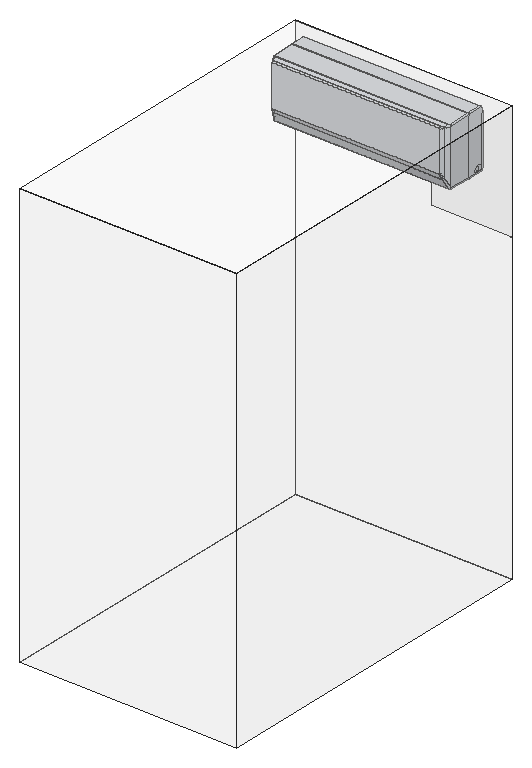
Revit family "pk-rp28la5_112ka21_50hz", category 機械設備, Revit 2019 (continued)
Definition of nested family "pk-rp_la3"
  Automatic sketch dimensions
    Extrusion 1 sketch curve to Extrusion 1 sketch curve = 1.509 mm
    Extrusion 1 sketch curve to plane 10 "Fkidasi_Z" = 2.669 mm
    Extrusion 1 sketch curve to Extrusion 1 sketch curve = 3.53 mm
    Extrusion 1 sketch curve to Extrusion 1 sketch curve = 0.245 mm
    Extrusion 1 sketch curve to plane 10 "Fkidasi_Z" = 0.212 mm
    Extrusion 1 sketch curve to Extrusion 1 sketch curve = 11.126 mm
    Extrusion 1 sketch curve to Extrusion 1 sketch curve = 11.355 mm
    plane 10 "Fkidasi_Z" to Extrusion 1 sketch curve = 0.239 mm
    Extrusion 1 sketch curve to Extrusion 1 sketch curve = 0.886 mm
    Extrusion 1 sketch curve to Extrusion 1 sketch curve = 14.099 mm
    Extrusion 1 sketch curve to Extrusion 1 sketch curve = 0.981 mm  (x3)
    Extrusion 1 sketch curve to plane 2 = 91.302 mm
    plane 6 "UNDER" to Extrusion 1 sketch curve = 3.179 mm
    Extrusion 1 sketch curve to Extrusion 1 sketch curve = 2.631 mm
    Extrusion 1 sketch curve to Extrusion 1 sketch curve = 10.856 mm
    Extrusion 1 sketch curve to plane 10 "Fkidasi_Z" = 10.968 mm
    Extrusion 1 sketch curve to Extrusion 1 sketch curve = 1.969 mm
    Extrusion 1 sketch curve to plane 10 "Fkidasi_Z" = 1.653 mm
    Extrusion 1 sketch curve to plane 10 "Fkidasi_Z" = 0.674 mm
    Extrusion 1 sketch curve to Extrusion 1 sketch curve = 0.182 mm
    plane 10 "Fkidasi_Z" to Extrusion 1 sketch curve = 19.962 mm
    plane 10 "Fkidasi_Z" to Extrusion 1 sketch curve = 45.88 mm
    Extrusion 1 sketch curve to Extrusion 1 sketch curve = 9.288 mm
    Extrusion 1 sketch curve to Extrusion 1 sketch curve = 1.712 mm
    Extrusion 1 sketch curve to Extrusion 1 sketch curve = 2.453 mm
    Extrusion 1 sketch curve to Extrusion 1 sketch curve = 1.702 mm
    Extrusion 1 sketch curve to Extrusion 1 sketch curve = 0.58 mm
    Extrusion 1 sketch curve to Extrusion 1 sketch curve = 1.434 mm
    Extrusion 1 sketch curve to level = 23.558 mm
    Extrusion 1 sketch curve to Extrusion 1 sketch curve = 8.081 mm
    Extrusion 1 sketch curve to Extrusion 1 sketch curve = 4.288 mm
    Extrusion 1 sketch curve to Extrusion 1 sketch curve = 0.784 mm
    Extrusion 1 sketch curve to Extrusion 1 sketch curve = 0 mm
    Extrusion 1 sketch curve to Extrusion 1 sketch curve = 1.627 mm
    Extrusion 1 sketch curve to Extrusion 1 sketch curve = 0.002 mm
    Extrusion 1 sketch curve to level = 0 mm
    plane 19 to Extrusion 1 sketch curve = 6.097 mm
    Extrusion 1 sketch curve to Extrusion 1 sketch curve = 10.916 mm
    curve 15 to Extrusion 1 = 0 mm
    curve 17 to Extrusion 1 = 0 mm
    curve 20 to Extrusion 1 = 0 mm
    curve 13 to Extrusion 1 = 0 mm
    curve 10 to Extrusion 1 = 0 mm
    curve 8 to Extrusion 1 = 0 mm
    curve 15 to Extrusion 1 = 20 mm
    curve 15 to curve 16 = 8 mm
    curve 19 to Extrusion 1 = 1.466 mm
    curve 21 to Extrusion 1 = 3.034 mm
    curve 21 to curve 17 = 22.703 mm
    curve 14 to curve 9 = 24.618 mm
    curve 10 to curve 14 = 23.733 mm
    curve 10 to curve 12 = 34.286 mm
    curve 9 to Extrusion 1 = 28 mm
    curve 11 to curve 8 = 8 mm
    curve 19 to curve 21 = 11.583 mm
    curve 18 to curve 19 = 23.714 mm
    curve 19 to curve 16 = 19.672 mm
    curve 9 to Extrusion 1 = 35.752 mm
    curve 13 to curve 10 = 10 mm
    curve 13 to curve 11 = 79 mm
    plane 19 to Extrusion 1 sketch curve = 29.248 mm
    curve 6 to Extrusion 1 = 0 mm
    curve 2 to Extrusion 1 = 0 mm
    curve 1 to Extrusion 1 = 0 mm
    curve 2 to Extrusion 1 = 7.8 mm
    curve 1 to Extrusion 1 = 57 mm
    curve 4 to curve 7 = 0 mm
    curve 5 to curve 3 = 8 mm
    curve 3 to curve 7 = 50.624 mm
    curve 7 to curve 6 = 8.376 mm
    curve 7 to curve 3 = 7.895 mm
    curve 24 to Extrusion 1 = 1 mm
    curve 32 to Extrusion 1 = 1.705 mm
    curve 5 to curve 32 = 45 mm
    curve 4 to curve 24 = 48 mm
    curve 32 to Extrusion 1 = 1.664 mm
    curve 2 to Extrusion 1 = 57 mm
    curve 25 to Extrusion 1 = 0 mm
    curve 26 to Extrusion 1 = 0 mm
    curve 30 to Extrusion 1 = 0 mm
    Extrusion 1 to curve 25 = 57 mm
    Extrusion 1 to curve 26 = 7.8 mm
    Extrusion 1 to curve 26 = 57 mm
    curve 31 to curve 28 = 0 mm
    curve 28 to curve 27 = 8 mm
    curve 29 to curve 31 = 50.624 mm
    curve 31 to curve 30 = 8.376 mm
    curve 31 to curve 27 = 7.895 mm
    Extrusion 1 to curve 23 = 1 mm
    Extrusion 1 to curve 22 = 1.664 mm
    Extrusion 1 to curve 22 = 110 mm
    Extrusion 1 to curve 22 = 1.705 mm
    curve 28 to curve 23 = 48 mm
Types (9, lengths in mm): name | 風量_静 (m3/min) | 風量_強 (m3/min) | 風量_弱 (m3/min) | 風量_中 (m3/min) | 風量 | 音響パワーレベル_静 (dB) | 音響パワーレベル_弱 (dB) | 音響パワーレベル_中 (dB) | 音響パワーレベル_強 (dB) | 音響パワーレベル(dB) | 電動機出力_送風機 | 質量 | 構成品番 | 壁掛_PK-RP_LA3 | 壁掛_PK-RP_LA1 | 冷媒液管位置-Z | 冷媒液管位置-Y | 冷媒液管位置-X | 冷媒ガス管位置-Z | 冷媒ガス管位置-Y | 冷媒ガス管位置-X | ドレン位置-Z | ドレン位置-Y | ドレン位置-X | Space Top | Space Right_1 | Space Right | Space Left | MIN２風量 | MIN風量 | MID風量 | MAX風量 | 製品質量 | 消費電力_暖房 | 消費電力_冷房 | 消費電力 | 暖房能力 | 冷房能力 | 冷媒管径符号 | 冷媒液管径 | 冷媒ガス管径 | Width | S_H | Height | Depth | Clearance Top | Clearance Right | Clearance Left
  壁掛_PK-RP28LA5 | 6.3 | 8.7 | 7.3 | 8 | 522.0 m³/h | 45 | 48 | 50 | 52 | 52 | 0.03 kW | 15.00 kg | "PK-RP28LA5" | no | yes | 280 | 23 | 711 | 268 | 23 | 642 | 274 | 37 | 660 | 50 | 260 | 150 | 50 | 378.0 m³/h | 438.0 m³/h | 480.0 m³/h | 522.0 m³/h | 12.50 kg | 0.02 kW | 0.03 kW | 0.03 kW | 2.80 kW | 2.5 kW | "Ac" | 6.35 | 12.70 | 898 | 356 | 299 | 237 | 50 | 150 | 50
  壁掛_PK-RP40LA5 | 6.8 | 10.7 | 8.2 | 9.4 | 642.0 m³/h | 47 | 51 | 54 | 57 | 57 | 0.03 kW | 15.00 kg | "PK-RP40LA5" | no | yes | 280 | 35 | 711 | 268 | 35 | 642 | 245 | 35 | 660 | 50 | 260 | 150 | 50 | 408.0 m³/h | 492.0 m³/h | 564.0 m³/h | 642.0 m³/h | 12.50 kg | 0.03 kW | 0.04 kW | 0.04 kW | 4.00 kW | 3.6 kW | "Ac" | 6.35 | 12.70 | 898 | 356 | 299 | 237 | 50 | 150 | 50
  壁掛_PK-RP45LA5 | 6.8 | 10.7 | 8.2 | 9.4 | 642.0 m³/h | 48 | 51 | 54 | 57 | 57 | 0.03 kW | 15.00 kg | "PK-RP45LA5" | no | yes | 280 | 35 | 711 | 268 | 35 | 642 | 245 | 35 | 660 | 50 | 260 | 150 | 50 | 408.0 m³/h | 492.0 m³/h | 564.0 m³/h | 642.0 m³/h | 12.50 kg | 0.03 kW | 0.04 kW | 0.04 kW | 4.50 kW | 4 kW | "Ac" | 6.35 | 12.70 | 898 | 356 | 299 | 237 | 50 | 150 | 50
  壁掛_PK-RP50LA5 | 6.8 | 10.7 | 8.2 | 9.4 | 642.0 m³/h | 48 | 51 | 54 | 57 | 57 | 0.03 kW | 15.00 kg | "PK-RP50LA5" | no | yes | 280 | 35 | 711 | 268 | 35 | 642 | 245 | 35 | 660 | 50 | 260 | 150 | 50 | 408.0 m³/h | 492.0 m³/h | 564.0 m³/h | 642.0 m³/h | 12.50 kg | 0.03 kW | 0.04 kW | 0.04 kW | 5.00 kW | 4.5 kW | "Ac" | 6.35 | 12.70 | 898 | 356 | 299 | 237 | 50 | 150 | 50
  壁掛_PK-RP56LA5 | 7.3 | 13.6 | 9.4 | 11.6 | 816.0 m³/h | 49 | 54 | 59 | 63 | 63 | 0.03 kW | 15.00 kg | "PK-RP56LA5" | no | yes | 280 | 35 | 711 | 268 | 35 | 642 | 245 | 35 | 660 | 50 | 260 | 150 | 50 | 438.0 m³/h | 564.0 m³/h | 696.0 m³/h | 816.0 m³/h | 12.50 kg | 0.05 kW | 0.06 kW | 0.06 kW | 5.60 kW | 5 kW | "Ac" | 6.35 | 12.70 | 898 | 356 | 299 | 237 | 50 | 150 | 50
  壁掛_PK-RP63KA21 | 0 | 19 | 16.5 | 17.8 | 1140.0 m³/h | 0 | 53 | 55 | 56 | 56 | 0.056 kW | 24.00 kg | "PK-RP63KA21" | yes | no | 312 | 30 | 636 | 333 | 25 | 567 | 347 | 61 | 719 | 48 | 220 | 100.5 | 52.3 | 0.0 m³/h | 990.0 m³/h | 1068.0 m³/h | 1140.0 m³/h | 20.00 kg | 0.06 kW | 0.06 kW | 0.06 kW | 6.30 kW | 5.6 kW | "Ac" | 6.35 | 12.70 | 1170 | 420 | 365 | 295 | 48 | 100.5 | 52.3
  壁掛_PK-RP71KA21 | 0 | 19 | 16.5 | 17.8 | 1140.0 m³/h | 0 | 53 | 55 | 56 | 56 | 0.056 kW | 25.20 kg | "PK-RP71KA21" | yes | no | 312 | 30 | 636 | 333 | 25 | 567 | 347 | 61 | 719 | 48 | 220 | 100.5 | 52.3 | 0.0 m³/h | 990.0 m³/h | 1068.0 m³/h | 1140.0 m³/h | 21.00 kg | 0.06 kW | 0.06 kW | 0.06 kW | 7.10 kW | 6.3 kW | "Bd" | 9.52 | 15.88 | 1170 | 420 | 365 | 295 | 48 | 100.5 | 52.3
  壁掛_PK-RP80KA21 | 0 | 23 | 17 | 20 | 1380.0 m³/h | 0 | 53 | 57 | 61 | 61 | 0.056 kW | 25.20 kg | "PK-RP80KA21" | yes | no | 312 | 30 | 636 | 333 | 25 | 567 | 347 | 61 | 719 | 48 | 220 | 100.5 | 52.3 | 0.0 m³/h | 1020.0 m³/h | 1200.0 m³/h | 1380.0 m³/h | 21.00 kg | 0.07 kW | 0.07 kW | 0.07 kW | 8.00 kW | 7.1 kW | "Bd" | 9.52 | 15.88 | 1170 | 420 | 365 | 295 | 48 | 100.5 | 52.3
  壁掛_PK-RP112KA21 | 0 | 25 | 17 | 21 | 1500.0 m³/h | 0 | 56 | 61 | 66 | 66 | 0.056 kW | 25.20 kg | "PK-RP112KA21" | yes | no | 312 | 30 | 636 | 333 | 25 | 567 | 347 | 61 | 719 | 48 | 220 | 100.5 | 52.3 | 0.0 m³/h | 1020.0 m³/h | 1260.0 m³/h | 1500.0 m³/h | 21.00 kg | 0.07 kW | 0.07 kW | 0.07 kW | 11.20 kW | 10 kW | "Bd" | 9.52 | 15.88 | 1170 | 420 | 365 | 295 | 48 | 100.5 | 52.3
